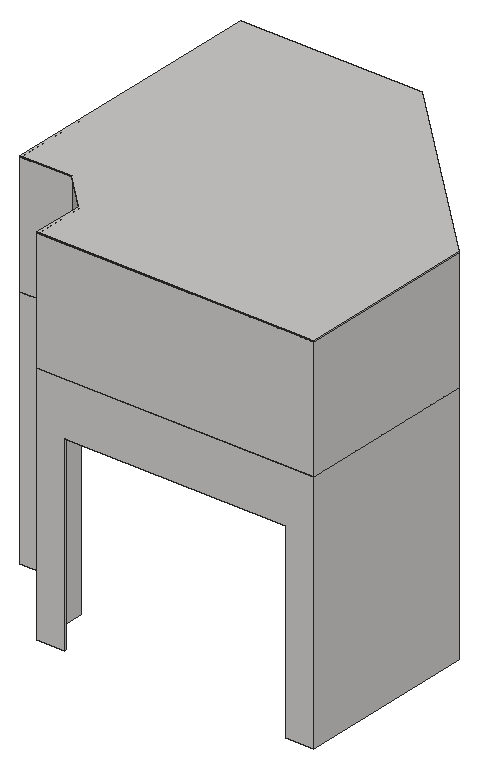
Revit family "QF_ELECTROLUXPROFESSIONAL_535099_NCDDRE5", category Specialty Equipment, Revit 2018
Family settings
  Round Connector Dimension = Use Diameter
  Part Type = Normal
  Work Plane-Based = No
  Always vertical = Yes
  Cut with Voids When Loaded = No
  Shared = No
  Room Calculation Point = No
Parameters (values of type "NCDDRE56")
  Weight = 62.00 kg
  Watts = 0 W
  Volts = 0 V
  URL Manufacturer = ""
  URL = "http://professional.electrolux.com"
  Steam Supply Size = 0 mm
  Steam Supply Minimum Pressure = 0.0 Pa
  Steam Supply Maximum Pressure = 0.0 Pa
  Steam Pounds per Hour = 0
  Show Logo [instance] = yes
  Refrigeration Suction Line Size = 0 mm
  Refrigeration Liquid Line Size = 0 mm
  Refrigerant Compressor Remote = yes
  Manufacturer = "Electrolux"
  Phase = 0
  Model = "ESR10E5"
  Length Actual = 872 mm  # constant formula
  Show Clearance [instance] = yes
  Item Number = ""
  Hot Water Size = 0 mm
  Height Actual = 877 mm  # constant formula
  HP = "11.4 HP"
  Gas Size = 0 mm
  Gas KW = 0
  Gas Input Pressure = 0 W
  Direct Waste Size = 0 mm
  Description = "SINGLE RINSE RT, 100R/H, ELECTRIC 50HZ"
  Depth Actual = 872 mm  # constant formula
  Cycle = 0 Hz
  Condensate Return Size = 0 mm
  Compressed Air Volume = 0.0 L/s
  Compressed Air Size = 0 mm
  Compressed Air Pressure = 0.0 Pa
  Cold Water Size = 0 mm
  Accessory = yes
Types (2, lengths in mm): name | Volts | URL Manufacturer | URL | Manufacturer | Phase | Model | Item Number | Description | Cycle
  NCDDRE56 | 0 V | "" | "http://professional.electrolux.com" | "Electrolux" | 0 | "ESR10E5" | "" | "SINGLE RINSE RT, 100R/H, ELECTRIC 50HZ" | 0 Hz
  Standard | 380 V | "http://professional.electrolux.com/" | "http://professional.electrolux.com/" | "Electrolux Professional" | 3 | "NCDDRE5" | "535099" | "CORNER DRYER, DUAL RINSE RT, ELECTRIC, 50&60HZ" | 50 Hz
Reference planes
  plane 1 "Center X": y = -16.742
  plane 2: z = 0
  plane 3 "BACK": y = 315.258
  plane 4 "TOP2": z = 1364
  plane 5 "TOP": z = 1785
  plane 6 "MIDDLEY": y = -348.742
  plane 7 "LEFT": x = -423.563
  plane 8 "RIGHT": x = 448.437
  plane 9 "BASE": z = 908
  plane 10 "FRONT": y = -556.742
  plane 11: x = -215.563
  plane 12 "TOP1": z = 1493
  plane 13 "CenterY": x = 116.437
Forms (mm)
  Extrusion 1, solid, material "QF_Finishes_Stainless Steel"
    sketch origin (0, 0, 908) x (-1, 0, 0) y (0, -1, 0)
      loop
        line (423.563, 348.742) -> (298.563, 348.742) -> (215.563, 431.742) -> (215.563, 556.742) -> (-448.437, 556.742) -> (-448.437, 121.742) -> (-11.437, -315.258) -> (423.563, -315.258) -> (423.563, 348.742)
      loop
        line (420.563, 345.742) -> (297.32, 345.742) -> (212.563, 430.499) -> (212.563, 553.742) -> (-445.437, 553.742) -> (-445.437, 122.984) -> (-10.195, -312.258) -> (420.563, -312.258) -> (420.563, 345.742)
    from 0 to 585
  Extrusion 2, solid, material "QF_Finishes_Stainless Steel"
    sketch origin (0, 0, 908) x (-1, 0, 0) y (0, -1, 0)
      loop
        line (423.563, 348.742) -> (298.563, 348.742) -> (215.563, 431.742) -> (215.563, 556.742) -> (-448.437, 556.742) -> (-448.437, 121.742) -> (-11.437, -315.258) -> (423.563, -315.258) -> (423.563, 348.742)
      loop
        line (420.563, 345.742) -> (297.32, 345.742) -> (212.563, 430.499) -> (212.563, 553.742) -> (-445.437, 553.742) -> (-445.437, 122.984) -> (-10.195, -312.258) -> (420.563, -312.258) -> (420.563, 345.742)
    from 875 to 585
  Extrusion 3, solid, material "QF_Finishes_Stainless Steel"
    sketch origin (0, 0, 1785) x (1, 0, 0) y (0, 1, 0)
      loop
        line (-423.563, 315.258) -> (-423.563, -348.742) -> (-298.563, -348.742) -> (-215.563, -431.742) -> (-215.563, -556.742) -> (448.437, -556.742) -> (448.437, -121.742) -> (11.437, 315.258) -> (-423.563, 315.258)
    from 0 to -2
  Extrusion 4, void
    sketch origin (0, -556.742, 0) x (-1, 0, 0) y (0, 0, 1)
      loop
        line (148.563, 908) -> (148.563, 1364) -> (-381.437, 1364) -> (-381.437, 908) -> (148.563, 908)
    from -10 to 10
  Extrusion 5, void
    sketch origin (-423.563, 0, 0) x (0, 1, 0) y (0, 0, 1)
      loop
        line (-281.742, 908) -> (248.258, 908) -> (248.258, 1364) -> (-281.742, 1364) -> (-281.742, 908)
    from -10 to 60
Cuts and joins
  Extrusion 4, Extrusion 5 cuts Extrusion 1
Lines and regions (mm)
  symbolic lines
    curve 1: line (-423.563, 315.258, 1493) -> (-423.563, -348.742, 1493)
    curve 2: line (-423.563, -348.742, 1493) -> (-298.563, -348.742, 1493)
    curve 3: line (-298.563, -348.742, 1493) -> (-215.563, -431.742, 1493)
    curve 4: line (-215.563, -556.742, 1493) -> (-215.563, -431.742, 1493)
    curve 5: line (448.437, -556.742, 1493) -> (-215.563, -556.742, 1493)
    curve 6: line (448.437, -121.742, 1493) -> (448.437, -556.742, 1493)
    curve 7: line (11.437, 315.258, 1493) -> (448.437, -121.742, 1493)
    curve 8: line (-423.563, 315.258, 1493) -> (11.437, 315.258, 1493)
    curve 9: line (116.437, -541.742, 1493) -> (116.437, -556.742, 1493)
    curve 10: line (-408.563, -16.742, 1493) -> (-423.563, -16.742, 1493)
Dimensions and locks
  plane 3 "BACK" to plane 1 "Center X" to plane 6 "MIDDLEY" = 332 mm, 332 mm
  plane 3 "BACK" to plane 6 "MIDDLEY" = 664 mm  (x2)
  plane 5 "TOP" to plane 9 "BASE" = 877 mm
  plane 5 "TOP" to plane 4 "TOP2" = 421 mm
  plane 6 "MIDDLEY" to plane 10 "FRONT" = 208 mm
  plane 11 to plane 8 "RIGHT" = 664 mm
  plane 3 "BACK" to plane 10 "FRONT" = 872 mm
  Extrusion 3 to cut or joined group of Extrusion 1, Extrusion 4, Extrusion 5 to cut or joined group of Extrusion 1, Extrusion 4, Extrusion 5 to level = 421 mm, 456 mm, 908 mm
  aligned and locked: level to plane 2
